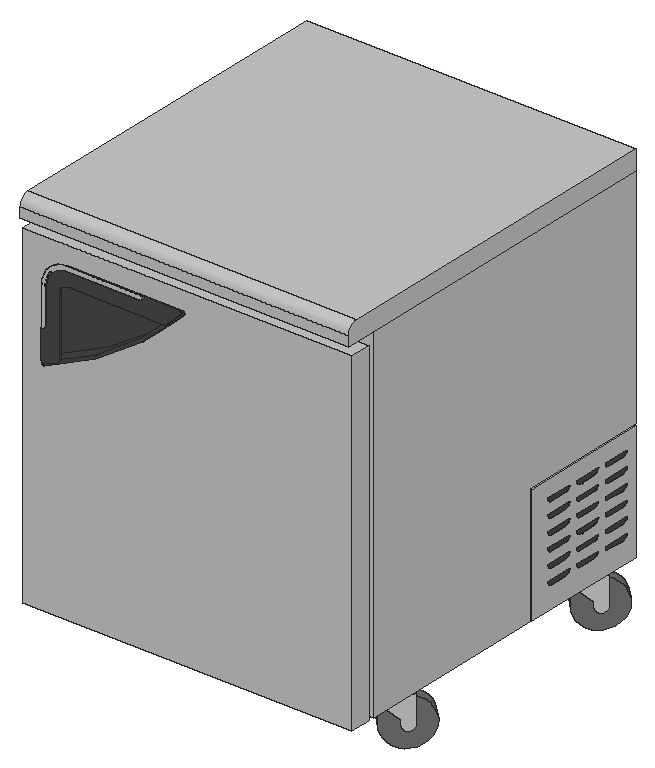
Revit family "QF_Turbo Air_TUR-28SD", category Specialty Equipment, Revit 2012
Parameters
  Weight in Pounds = 163
  Watermarked By = "http://revitwatermark.com"
  Volts = 115 V
  URL Cutsheet = ""
  URL = "www.turboairinc.com"
  Status [instance] = ""
  Specification by User [instance] = ""
  Specification by Manufacturer [instance] = ""
  Serial Number [instance] = ""
  Revision Code [instance] = ""
  Phase = 1
  Number of Poles [instance] = 1
  NAFEM Spec ID Number [instance] = ""
  Model = "TUR-28SD*"
  Masterspec [instance] = ""
  Manufacturer = "Turbo Air"  # constant formula
  Legs [instance] = [6 inch Legs]  # no
  Item Number [instance] = "-"
  Installed By [instance] = ""
  HP = "1/4"
  Furnished By [instance] = ""
  Foodservice Equipment Identifier = yes
  FL Amps = 6.6 A
  Electrical Remarks [instance] = ""
  Electric Connection Type [instance] = ""
  Elec Conn RI Height [instance] = 0' - 0"
  Elec Conn Connection Height = 1' - 0"
  Description = "Undercounter Refrigerator"
  Cycle = 60 Hz
  Conn Plug = "NEMA 5-15P"
  Casters [instance] = not(Legs)  # yes
  CasterLeg Height [instance] = if([4 inch Casters], 0' 5", if([5 inch Casters], 0' 5 3/4", if([2_5 inch Casters], 0' 3 3/8", 0' 6")))  # 0' - 5"
  CSI MasterFormat = "11 41 13"
  Assembly Code = "E1090320"
  Apparent Power = if(Phase = 3, Volts * FL Amps * 1.73, Volts * FL Amps)  # 759 VA
  6 inch Legs [instance] = no
  5 inch Casters [instance] = no
  4 inch Casters [instance] = yes
  2_5 inch Casters [instance] = no
Reference planes (in)
  plane 1 "BACK": y = 0
  plane 2: z = 0
  plane 3 "LEFT": x = -20.78844
  plane 4 "Bottom": z = 5
  plane 5 "Back Stops": y = 1
  plane 6 "RIGHT": x = 6.71156
  plane 7 "FRONT": y = -30
  plane 8 "Door Clearance": y = -55.375
  plane 9 "Back of Door": y = -27.875
  plane 10 "Front of Box": y = -27.375
  plane 11 "Top of Door": z = 33.125
  plane 12 "TOP": z = 35.625
  plane 13 "Bottom of TOP": z = 34
Forms (in)
  Extrusion 1, solid, material "QF_Finishes_Stainless Steel"
    sketch origin (-20.78844, 0, 0) x (0, 1, 0) y (0, 0, 1)
      loop
        line (0, 5) -> (0, 34) -> (-27.375, 34) -> (-27.375, 5) -> (0, 5)
    from 0 to 27.5
  Extrusion 2, solid, material "QF_Finishes_Black"
    sketch origin (0, -27.375, 0) x (1, 0, 0) y (0, 0, 1)
      loop
        line (-19.78844, 32.125) -> (-19.78844, 6) -> (5.71156, 6) -> (5.71156, 32.125) -> (-19.78844, 32.125)
    from 0 to 0.5
  Extrusion 3, void
    sketch origin (6.71156, 0, 0) x (0, 1, 0) y (0, 0, 1)
      loop
        line (0, 5) -> (0, 15) -> (-11, 15) -> (-11, 5) -> (0, 5)
    from 0 to -1
  Extrusion 4, solid, material "QF_Finishes_Stainless Steel"
    sketch origin (6.71156, 0, 0) x (0, 1, 0) y (0, 0, 1)
      loop
        line (-10.875, 14.875) -> (-10.875, 5) -> (0, 5) -> (0, 14.875) -> (-10.875, 14.875)
      loop
        arc (-9.25, 13.5) -> (-9.10355, 13.14645) -> (-8.75, 13) r 0.5
        line (-8.75, 13) -> (-7.25, 13)
        arc (-7.25, 13) -> (-6.89645, 13.14645) -> (-6.75, 13.5) r 0.5
        line (-6.75, 13.5) -> (-9.25, 13.5)
      loop
        arc (-6.25, 13.5) -> (-6.10355, 13.14645) -> (-5.75, 13) r 0.5
        line (-5.75, 13) -> (-4.25, 13)
        arc (-4.25, 13) -> (-3.89645, 13.14645) -> (-3.75, 13.5) r 0.5
        line (-3.75, 13.5) -> (-6.25, 13.5)
      loop
        arc (-3.25, 13.5) -> (-3.10355, 13.14645) -> (-2.75, 13) r 0.5
        line (-2.75, 13) -> (-1.25, 13)
        arc (-1.25, 13) -> (-0.89645, 13.14645) -> (-0.75, 13.5) r 0.5
        line (-0.75, 13.5) -> (-3.25, 13.5)
      loop
        arc (-9.25, 12.25) -> (-9.10355, 11.89645) -> (-8.75, 11.75) r 0.5
        line (-8.75, 11.75) -> (-7.25, 11.75)
        arc (-7.25, 11.75) -> (-6.89645, 11.89645) -> (-6.75, 12.25) r 0.5
        line (-6.75, 12.25) -> (-9.25, 12.25)
      loop
        arc (-6.25, 12.25) -> (-6.10355, 11.89645) -> (-5.75, 11.75) r 0.5
        line (-5.75, 11.75) -> (-4.25, 11.75)
        arc (-4.25, 11.75) -> (-3.89645, 11.89645) -> (-3.75, 12.25) r 0.5
        line (-3.75, 12.25) -> (-6.25, 12.25)
      loop
        arc (-3.25, 12.25) -> (-3.10355, 11.89645) -> (-2.75, 11.75) r 0.5
        line (-2.75, 11.75) -> (-1.25, 11.75)
        arc (-1.25, 11.75) -> (-0.89645, 11.89645) -> (-0.75, 12.25) r 0.5
        line (-0.75, 12.25) -> (-3.25, 12.25)
      loop
        arc (-9.25, 11) -> (-9.10355, 10.64645) -> (-8.75, 10.5) r 0.5
        line (-8.75, 10.5) -> (-7.25, 10.5)
        arc (-7.25, 10.5) -> (-6.89645, 10.64645) -> (-6.75, 11) r 0.5
        line (-6.75, 11) -> (-9.25, 11)
      loop
        arc (-6.25, 11) -> (-6.10355, 10.64645) -> (-5.75, 10.5) r 0.5
        line (-5.75, 10.5) -> (-4.25, 10.5)
        arc (-4.25, 10.5) -> (-3.89645, 10.64645) -> (-3.75, 11) r 0.5
        line (-3.75, 11) -> (-6.25, 11)
      loop
        arc (-3.25, 11) -> (-3.10355, 10.64645) -> (-2.75, 10.5) r 0.5
        line (-2.75, 10.5) -> (-1.25, 10.5)
        arc (-1.25, 10.5) -> (-0.89645, 10.64645) -> (-0.75, 11) r 0.5
        line (-0.75, 11) -> (-3.25, 11)
      loop
        arc (-9.25, 9.75) -> (-9.10355, 9.39645) -> (-8.75, 9.25) r 0.5
        line (-8.75, 9.25) -> (-7.25, 9.25)
        arc (-7.25, 9.25) -> (-6.89645, 9.39645) -> (-6.75, 9.75) r 0.5
        line (-6.75, 9.75) -> (-9.25, 9.75)
      loop
        arc (-6.25, 9.75) -> (-6.10355, 9.39645) -> (-5.75, 9.25) r 0.5
        line (-5.75, 9.25) -> (-4.25, 9.25)
        arc (-4.25, 9.25) -> (-3.89645, 9.39645) -> (-3.75, 9.75) r 0.5
        line (-3.75, 9.75) -> (-6.25, 9.75)
      loop
        arc (-3.25, 9.75) -> (-3.10355, 9.39645) -> (-2.75, 9.25) r 0.5
        line (-2.75, 9.25) -> (-1.25, 9.25)
        arc (-1.25, 9.25) -> (-0.89645, 9.39645) -> (-0.75, 9.75) r 0.5
        line (-0.75, 9.75) -> (-3.25, 9.75)
      loop
        arc (-9.25, 8.5) -> (-9.10355, 8.14645) -> (-8.75, 8) r 0.5
        line (-8.75, 8) -> (-7.25, 8)
        arc (-7.25, 8) -> (-6.89645, 8.14645) -> (-6.75, 8.5) r 0.5
        line (-6.75, 8.5) -> (-9.25, 8.5)
      loop
        arc (-6.25, 8.5) -> (-6.10355, 8.14645) -> (-5.75, 8) r 0.5
        line (-5.75, 8) -> (-4.25, 8)
        arc (-4.25, 8) -> (-3.89645, 8.14645) -> (-3.75, 8.5) r 0.5
        line (-3.75, 8.5) -> (-6.25, 8.5)
      loop
        arc (-3.25, 8.5) -> (-3.10355, 8.14645) -> (-2.75, 8) r 0.5
        line (-2.75, 8) -> (-1.25, 8)
        arc (-1.25, 8) -> (-0.89645, 8.14645) -> (-0.75, 8.5) r 0.5
        line (-0.75, 8.5) -> (-3.25, 8.5)
      loop
        arc (-9.25, 7.25) -> (-9.10355, 6.89645) -> (-8.75, 6.75) r 0.5
        line (-8.75, 6.75) -> (-7.25, 6.75)
        arc (-7.25, 6.75) -> (-6.89645, 6.89645) -> (-6.75, 7.25) r 0.5
        line (-6.75, 7.25) -> (-9.25, 7.25)
      loop
        arc (-6.25, 7.25) -> (-6.10355, 6.89645) -> (-5.75, 6.75) r 0.5
        line (-5.75, 6.75) -> (-4.25, 6.75)
        arc (-4.25, 6.75) -> (-3.89645, 6.89645) -> (-3.75, 7.25) r 0.5
        line (-3.75, 7.25) -> (-6.25, 7.25)
      loop
        arc (-3.25, 7.25) -> (-3.10355, 6.89645) -> (-2.75, 6.75) r 0.5
        line (-2.75, 6.75) -> (-1.25, 6.75)
        arc (-1.25, 6.75) -> (-0.89645, 6.89645) -> (-0.75, 7.25) r 0.5
        line (-0.75, 7.25) -> (-3.25, 7.25)
    from 0 to -1
  Extrusion 5, solid, material "QF_Finishes_Black"
    sketch origin (6.71156, 0, 0) x (0, 1, 0) y (0, 0, 1)
      loop
        line (-9.875, 13.95221) -> (-9.875, 6.20221) -> (-0.375, 6.20221) -> (-0.375, 13.95221) -> (-9.875, 13.95221)
    from -0.125 to -1
  Extrusion 6, solid, material "QF_Finishes_Black"
    sketch origin (0, 0, 0) x (1, 0, 0) y (0, 0, 1)
      loop
        circle (-14.66344, 30.8125) r 0.5
      loop
        circle (0.58656, 30.8125) r 0.5
    from 0 to -1
  Extrusion 7, solid, material "QF_Finishes_Stainless Steel"
    sketch origin (0, 0, 0) x (1, 0, 0) y (0, 0, 1)
      loop
        circle (2.71156, 11.125) r 0.25
    from 0 to -0.0625
  Extrusion 8, solid, material "QF_Finishes_Polished Steel"
    sketch origin (-20.78844, 0, 0) x (0, 1, 0) y (0, 0, 1)
      loop
        line (0, 35.625) -> (-29.1875, 35.625)
        arc (-29.1875, 35.625) -> (-29.76202, 35.38702) -> (-30, 34.8125) r 0.8125
        line (-30, 34.8125) -> (-30, 34) -> (0, 34) -> (0, 35.625)
    from 0 to 27.5
Cuts and joins
  Extrusion 3 cuts Extrusion 1
Lines and regions (in)
  symbolic lines
    curve 1: line (-20.78844, 0, 35.875) -> (6.71156, 0, 35.875)
    curve 2: line (-20.78844, -30, 35.875) -> (-20.78844, 0, 35.875)
    curve 3: line (6.71156, -30, 35.875) -> (-20.78844, -30, 35.875)
    curve 4: line (6.71156, 0, 35.875) -> (6.71156, -30, 35.875)
    curve 5: line (0.08656, 1, 35.875) -> (1.08656, 1, 35.875)
    curve 6: line (-15.16344, 1, 35.875) -> (-14.16344, 1, 35.875)
    curve 7: line (-15.16344, 1, 35.875) -> (-15.16344, 0, 35.875)
    curve 8: line (-14.16344, 1, 35.875) -> (-14.16344, 0, 35.875)
    curve 9: line (0.08656, 1, 35.875) -> (0.08656, 0, 35.875)
    curve 10: line (1.08656, 1, 35.875) -> (1.08656, 0, 35.875)
  symbolic lines, style "QF_Clearances", detail levels coarse
    curve 11: line (6.71156, -30, 35.875) -> (6.71156, -55.375, 35.875)
    curve 12: arc (6.71156, -55.375, 35.875) -> (-11.96747, -48.05776, 35.875) -> (-20.70621, -30, 35.875) r 27.5
Dimensions and locks (in)
  "CasterLeg Height": plane 4 "Bottom" to plane 2
  locked: plane 1 "BACK" to plane 5 "Back Stops" at 1
  locked: plane 6 "RIGHT" to plane 3 "LEFT" at 27.5
  locked: plane 7 "FRONT" to plane 1 "BACK" at 30
  locked: plane 9 "Back of Door" to plane 10 "Front of Box" at 0.5
  locked: plane 8 "Door Clearance" to plane 1 "BACK" at 55.375
  locked: plane 11 "Top of Door" to Extrusion 2 sketch curve at 1
  locked: Extrusion 2 sketch curve to plane 3 "LEFT" at 1
  locked: Extrusion 2 sketch curve to plane 4 "Bottom" at 1
  locked: Extrusion 2 sketch curve to plane 6 "RIGHT" at 1
  locked: Extrusion 3 sketch curve to plane 1 "BACK" at 11
  locked: Extrusion 3 sketch curve to plane 4 "Bottom" at 10
  locked: plane 4 "Bottom" to Extrusion 4 sketch curve at 9.875
  locked: Extrusion 4 sketch curve to plane 1 "BACK" at 10.875
  locked: Extrusion 5 sketch curve to Extrusion 5 sketch curve at 7.75
  locked: Extrusion 5 sketch curve to plane 4 "Bottom" at 1.20221
  locked: Extrusion 5 sketch curve to Extrusion 5 sketch curve at 9.5
  locked: Extrusion 5 sketch curve to plane 1 "BACK" at 0.375
  locked: nested 2 to plane 1 "BACK" at 2.5625
  locked: plane 3 "LEFT" to nested 2 at 2.5
  locked: plane 3 "LEFT" to nested 3 at 2.5
  locked: plane 10 "Front of Box" to nested 3 at 4.625
  locked: nested 4 to plane 6 "RIGHT" at 2.5
  locked: nested 5 to plane 6 "RIGHT" at 2.5
  locked: plane 10 "Front of Box" to nested 5 at 4.625
  locked: nested 4 to plane 1 "BACK" at 2.5625
  locked: plane 6 "RIGHT" to Extrusion 6 sketch curve at 6.125
  locked: Extrusion 6 sketch curve to plane 3 "LEFT" at 6.125
  locked: Extrusion 7 sketch curve to plane 4 "Bottom" at 6.125
  locked: plane 6 "RIGHT" to Extrusion 7 sketch curve at 4
  locked: plane 12 "TOP" to plane 4 "Bottom" at 30.625
  locked: plane 12 "TOP" to plane 13 "Bottom of TOP" at 1.625
  locked: plane 13 "Bottom of TOP" to plane 11 "Top of Door" at 0.875
  plane 9 "Back of Door" to plane 1 "BACK" = 2' - 3 7/8"
  aligned and locked: level to plane 2
  aligned and locked: plane 3 "LEFT" to nested 1
  aligned and locked: plane 6 "RIGHT" to nested 1
  aligned and locked: Extrusion 1 sketch curve to plane 1 "BACK"
  aligned and locked: Extrusion 1 sketch curve to plane 4 "Bottom"
  aligned and locked: plane 10 "Front of Box" to Extrusion 1 sketch curve
  aligned and locked: plane 6 "RIGHT" to Extrusion 1
  aligned and locked: plane 9 "Back of Door" to Extrusion 2
  aligned and locked: Extrusion 3 sketch curve to plane 1 "BACK"
  aligned and locked: Extrusion 3 sketch curve to plane 4 "Bottom"
  aligned and locked: Extrusion 6 to plane 5 "Back Stops"
  aligned and locked: plane 1 "BACK" to curve 1
  aligned and locked: curve 4 to plane 6 "RIGHT"
  aligned and locked: plane 3 "LEFT" to curve 2
  aligned and locked: curve 3 to plane 7 "FRONT"
  aligned and locked: curve 5 to Extrusion 6
  aligned and locked: curve 6 to Extrusion 6
  aligned and locked: Extrusion 1 sketch curve to plane 13 "Bottom of TOP"
  aligned and locked: plane 1 "BACK" to Extrusion 8 sketch curve
  aligned and locked: plane 13 "Bottom of TOP" to Extrusion 8 sketch curve
  aligned and locked: Extrusion 8 sketch curve to plane 7 "FRONT"
  aligned and locked: Extrusion 8 sketch curve to plane 12 "TOP"
  aligned and locked: plane 6 "RIGHT" to Extrusion 8
  aligned and locked: plane 4 "Bottom" to nested 1
Automatic sketch dimensions
  Extrusion 4 sketch curve to plane 1 "BACK" = 0' - 0"
  Extrusion 4 sketch curve to plane 4 "Bottom" = 0' - 0"
  Extrusion 4 sketch curve to Extrusion 4 sketch curve = 0' - 1 5/8"
  Extrusion 4 sketch curve to Extrusion 4 sketch curve = 0' - 0"  (x16)
  Extrusion 4 sketch curve to Extrusion 4 sketch curve = 0' - 0 1/2"  (x31)
  Extrusion 4 sketch curve to Extrusion 4 sketch curve = 0' - 1 1/2"  (x4)
  plane 1 "BACK" to Extrusion 4 sketch curve = 0' - 1 1/4"  (x3)
  plane 4 "Bottom" to Extrusion 4 sketch curve = 0' - 1 3/4"  (x2)
  Extrusion 4 sketch curve to Extrusion 4 sketch curve = 0' - 0 3/4"  (x15)
  plane 8 "Door Clearance" to curve 11 = 0' - 0"
  plane 9 "Back of Door" to curve 12 = 0' - 0"
  curve 5 to curve 5 = 0' - 1"
  curve 8 to curve 7 = 0' - 1"
  Extrusion 6 sketch curve to plane 11 "Top of Door" = 0' - 2 5/16"  (x2)
  curve 5 to plane 6 "RIGHT" = 0' - 5 5/8"
  curve 8 to curve 1 = 0' - 6 5/8"
  Extrusion 8 sketch curve to plane 7 "FRONT" = 0' - 0 13/16"
  radius of Extrusion 6 sketch curve = 0' - 0 1/2"  (x2)
  radius of Extrusion 7 sketch curve = 0' - 0 1/4"
Nested families (in)
  nested 1: "QF_Turbo Air_TBL_Door-2" at (-8.46511, -27.875, 5) x (-1, 0, 0) z (0, 0, 1), type "QF_Turbo Air_TBL_Door-2"
    with Width 2' - 3 1/2", Symbolic Lines no, Height 2' - 4 1/8", Depth 0' - 1 13/16"
  nested 2: "FESCasterLeg" at (-18.28844, -2.5625, 0), Legs <- "Legs", Casters <- "Casters", Height <- "CasterLeg Height", type "FESCasterLeg"
    with Legs no, Height 0' - 5", Casters yes, Caster Radius 0' - 2"
  nested 3: "FESCasterLeg" at (-18.28844, -22.75, 0), Legs <- "Legs", Casters <- "Casters", Height <- "CasterLeg Height", type "FESCasterLeg"
    with Legs no, Height 0' - 5", Casters yes, Caster Radius 0' - 2"
  nested 4: "FESCasterLeg" at (4.21156, -2.5625, 0), Legs <- "Legs", Casters <- "Casters", Height <- "CasterLeg Height", type "FESCasterLeg"
    with Legs no, Height 0' - 5", Casters yes, Caster Radius 0' - 2"
  nested 5: "FESCasterLeg" at (4.21156, -22.75, 0), Legs <- "Legs", Casters <- "Casters", Height <- "CasterLeg Height", type "FESCasterLeg"
    with Legs no, Height 0' - 5", Casters yes, Caster Radius 0' - 2"
Connectors (in)
  electrical at (2.71156, 0.0625, 11.125), driven by "Number of Poles", driven by "Volts", driven by "Apparent Power"
    settings: on Extrusion 7, index 1, voltage 115 V, apparent load 759 VA, apparent load phase1 0 VA, apparent load phase2 0 VA, apparent load phase3 0 VA, power factor 1, load classification "Other", number of poles 1, system type 30, power factor state 1, is connector primary yes, connector utility no, sub classification motor no, connector description ""
Definition of nested family "QF_Turbo Air_TBL_Door-2"
  Parameters (values of type "QF_Turbo Air_TBL_Door-2")
    Width [instance] = 1' - 6"
    Watermarked By = "http://revitwatermark.com"
    Symbolic Lines [instance] = yes
    Manufacturer = "Turbo Air"  # constant formula
    Height [instance] = 2' - 3 1/2"
    Depth [instance] = 0' - 1 13/16"
  Reference planes (in)
    plane 1 "BACK": y = 0
    plane 2: z = 0
    plane 3 "LEFT": x = -15.17667
    plane 4: x = 2.82333
    plane 5 "FRONT": y = -1.8125
    plane 6: z = 27.5
  Forms (in)
    Extrusion 1, solid, material "QF_Finishes_Stainless Steel"
      sketch origin (0, 0, 0) x (1, 0, 0) y (0, 0, 1)
        loop
          line (-15.17667, 27.5) -> (-15.17667, 0) -> (2.82333, 0) -> (2.82333, 27.5) -> (-15.17667, 27.5)
        loop
          arc (1.26083, 23.75) -> (0.62013, 25.2968) -> (-0.92667, 25.9375) r 2.1875
          line (-0.92667, 25.9375) -> (-10.51602, 25.9375)
          arc (-10.51602, 25.9375) -> (-10.68463, 25.82502) -> (-10.64553, 25.62614) r 0.18261
          arc (-10.64553, 25.62614) -> (-5.27313, 21.0225) -> (1.01159, 17.7731) r 30.65514
          arc (1.01159, 17.7731) -> (1.18191, 17.79728) -> (1.26083, 17.95014) r 0.1875
          line (1.26083, 17.95014) -> (1.26083, 23.75)
      from 0 to 1.8125
    Extrusion 2, solid, material "QF_Finishes_Black"
      sketch origin (0, 0, 0) x (1, 0, 0) y (0, 0, 1)
        loop
          arc (-10.51602, 25.9375) -> (-10.68463, 25.82502) -> (-10.64553, 25.62614) r 0.18261
          arc (-10.64553, 25.62614) -> (-5.27313, 21.0225) -> (1.01159, 17.7731) r 30.65514
          arc (1.01159, 17.7731) -> (1.18191, 17.79728) -> (1.26083, 17.95014) r 0.1875
          line (1.26083, 17.95014) -> (1.26083, 23.75)
          arc (1.26083, 23.75) -> (0.62013, 25.2968) -> (-0.92667, 25.9375) r 2.1875
          line (-0.92667, 25.9375) -> (-10.51602, 25.9375)
      from 0 to 0.25
    Extrusion 3, solid, material "QF_Finishes_Black"
      sketch origin (0, -1.8125, 0) x (1, 0, 0) y (0, 0, 1)
        loop
          arc (-10.51602, 25.9375) -> (-10.68463, 25.82502) -> (-10.64553, 25.62614) r 0.18261
          arc (-10.64553, 25.62614) -> (-5.27313, 21.0225) -> (1.01159, 17.7731) r 30.65514
          arc (1.01159, 17.7731) -> (1.18191, 17.79728) -> (1.26083, 17.95014) r 0.1875
          line (1.26083, 17.95014) -> (1.26083, 23.75)
          arc (1.26083, 23.75) -> (0.62013, 25.2968) -> (-0.92667, 25.9375) r 2.1875
          line (-0.92667, 25.9375) -> (-10.51602, 25.9375)
        loop
          arc (-10.3612, 25.6875) -> (-5.1116, 21.21513) -> (1.01083, 18.04082) r 30.40514
          line (1.01083, 18.04082) -> (1.01083, 23.75)
          arc (1.01083, 23.75) -> (0.44335, 25.12002) -> (-0.92667, 25.6875) r 1.9375
          line (-0.92667, 25.6875) -> (-10.3612, 25.6875)
      from 0 to -1.5625
    Extrusion 4, solid, material "QF_Finishes_Stainless Steel"
      sketch origin (0, -1.8125, 0) x (1, 0, 0) y (0, 0, 1)
        loop
          line (0.8693, 23.74703) -> (0.8693, 20.9359)
          arc (0.8693, 20.9359) -> (0.97619, 20.67783) -> (1.23426, 20.57094) r 0.36497
          line (1.23426, 20.57094) -> (1.23426, 23.75728)
          arc (1.23426, 23.75728) -> (0.60343, 25.28026) -> (-0.91955, 25.9111) r 2.15381
          line (-0.91955, 25.9111) -> (-7.29364, 25.9111)
          arc (-7.29364, 25.9111) -> (-7.18686, 25.6533) -> (-6.92907, 25.54652) r 0.36457
          line (-6.92907, 25.54652) -> (-0.9302, 25.54652)
          arc (-0.9302, 25.54652) -> (0.34224, 25.01946) -> (0.8693, 23.74703) r 1.79949
      from 0 to 0.0625
    Extrusion 5, solid, material "QF_Finishes_Black"
      sketch origin (0, -1.8125, 0) x (1, 0, 0) y (0, 0, 1)
        loop
          line (-7.29579, 25.91713) -> (-10.23685, 25.91713)
          arc (-10.23685, 25.91713) -> (-10.4057, 25.80626) -> (-10.37109, 25.60724) r 0.18402
          arc (-10.37109, 25.60724) -> (-9.82156, 25.0362) -> (-9.25736, 24.47964) r 30.46741
          arc (-9.25736, 24.47964) -> (-9.13766, 24.40221) -> (-8.99771, 24.37509) r 0.37471
          line (-8.99771, 24.37509) -> (-0.92669, 24.37509)
          arc (-0.92669, 24.37509) -> (-0.48472, 24.19202) -> (-0.30165, 23.75005) r 0.62505
          line (-0.30165, 23.75005) -> (-0.30165, 18.75593)
          arc (-0.30165, 18.75593) -> (-0.23944, 18.54909) -> (-0.07345, 18.41087) r 0.375
          arc (-0.07345, 18.41087) -> (0.46451, 18.18804) -> (1.00663, 17.97553) r 30.46765
          arc (1.00663, 17.97553) -> (1.17982, 17.99636) -> (1.26095, 18.15079) r 0.18755
          line (1.26095, 18.15079) -> (1.26095, 20.57213)
          arc (1.26095, 20.57213) -> (0.98629, 20.66883) -> (0.87001, 20.93579) r 0.36461
          line (0.87001, 20.93579) -> (0.87001, 23.74835)
          arc (0.87001, 23.74835) -> (0.34256, 25.02175) -> (-0.93084, 25.54921) r 1.80086
          line (-0.93084, 25.54921) -> (-6.92787, 25.54921)
          arc (-6.92787, 25.54921) -> (-7.18803, 25.65697) -> (-7.29579, 25.91713) r 0.36792
      from 0 to 0.0625
  Lines and regions (in)
    symbolic lines, visible <- "Symbolic Lines"
      curve 1: line (-15.17667, 0, 25.96875) -> (2.82333, 0, 25.96875)
      curve 2: line (-15.17667, -1.8125, 25.96875) -> (-15.17667, 0, 25.96875)
      curve 3: line (2.82333, -1.8125, 25.96875) -> (-15.17667, -1.8125, 25.96875)
      curve 4: line (2.82333, 0, 25.96875) -> (2.82333, -1.8125, 25.96875)
  Dimensions and locks (in)
    "Width": plane 4 to plane 3 "LEFT"
    "Depth": plane 5 "FRONT" to plane 1 "BACK"
    "Height": plane 6 to plane 2
    locked: plane 4 to Extrusion 1 sketch curve at 3.75
    locked: plane 6 to Extrusion 1 sketch curve at 3.75
    locked: plane 6 to Extrusion 1 sketch curve at 9.54986
    locked: plane 4 to Extrusion 1 sketch curve at 1.5625
    locked: plane 6 to Extrusion 1 sketch curve at 1.5625
    locked: plane 4 to Extrusion 1 sketch curve at 13.33935
    locked: plane 6 to Extrusion 1 sketch curve at 1.87386
    locked: plane 6 to Extrusion 1 sketch curve at 9.7269
    locked: plane 4 to Extrusion 1 sketch curve at 1.81175
    locked: plane 4 to Extrusion 1 sketch curve at 13.46886
    locked: Extrusion 4 sketch curve to Extrusion 4 sketch curve at 0.36457
    locked: Extrusion 4 sketch curve to Extrusion 4 sketch curve at 0.36497
    locked: plane 4 to Extrusion 4 sketch curve at 1.58907
    locked: plane 6 to Extrusion 4 sketch curve at 1.5889
    plane 4 to Extrusion 4 sketch curve = 0' - 10.11697"
    locked: plane 4 to Extrusion 4 sketch curve at 9.7524
    locked: plane 4 to Extrusion 4 sketch curve at 3.74288
    locked: plane 4 to Extrusion 4 sketch curve at 3.75353
    locked: plane 6 to Extrusion 4 sketch curve at 3.74272
    locked: plane 6 to Extrusion 4 sketch curve at 3.75297
    locked: plane 6 to Extrusion 4 sketch curve at 6.92906
    locked: plane 6 to Extrusion 4 sketch curve at 6.5641
    locked: plane 4 to Extrusion 2 sketch curve at 3.75
    locked: plane 4 to Extrusion 2 sketch curve at 13.33935
    locked: plane 4 to Extrusion 2 sketch curve at 13.46886
    locked: plane 4 to Extrusion 2 sketch curve at 1.81175
    locked: plane 4 to Extrusion 2 sketch curve at 1.5625
    locked: plane 4 to Extrusion 5 sketch curve at 1.56238
    locked: plane 4 to Extrusion 5 sketch curve at 1.95332
    locked: plane 4 to Extrusion 5 sketch curve at 3.75417
    locked: plane 4 to Extrusion 5 sketch curve at 9.75121
    locked: plane 4 to Extrusion 5 sketch curve at 10.11912
    locked: plane 4 to Extrusion 5 sketch curve at 13.06018
    locked: plane 4 to Extrusion 5 sketch curve at 13.19443
    locked: plane 4 to Extrusion 5 sketch curve at 12.0807
    locked: plane 4 to Extrusion 5 sketch curve at 11.82104
    locked: plane 4 to Extrusion 5 sketch curve at 3.75003
    locked: plane 4 to Extrusion 5 sketch curve at 3.12498
    locked: plane 4 to Extrusion 5 sketch curve at 2.89679
    locked: plane 4 to Extrusion 5 sketch curve at 1.81671
    aligned and locked: level to plane 2
    aligned and locked: Extrusion 1 sketch curve to plane 6
    aligned and locked: plane 3 "LEFT" to Extrusion 1 sketch curve
    aligned and locked: level to Extrusion 1 sketch curve
    aligned and locked: Extrusion 1 sketch curve to plane 4
    aligned and locked: plane 5 "FRONT" to Extrusion 1
    aligned and locked: plane 1 "BACK" to curve 1
    aligned and locked: plane 3 "LEFT" to curve 2
    aligned and locked: curve 3 to plane 5 "FRONT"
    aligned and locked: curve 4 to plane 4
    aligned and locked: Extrusion 3 sketch curve to Extrusion 1  (x4)
  Automatic sketch dimensions
    plane 4 to Extrusion 1 sketch curve = 0' - 9.03101"
    Extrusion 2 sketch curve to plane 6 = 0' - 1 9/16"
    Extrusion 2 sketch curve to Extrusion 2 sketch curve = 0' - 5.79986"
    Extrusion 2 sketch curve to Extrusion 2 sketch curve = 0' - 0.31136"
    plane 4 to Extrusion 2 sketch curve = 0' - 9.03101"
    Extrusion 2 sketch curve to Extrusion 2 sketch curve = 0' - 0.17704"
    Extrusion 3 sketch curve to Extrusion 3 sketch curve = 0' - 0.12951"
    Extrusion 3 sketch curve to Extrusion 3 sketch curve = 0' - 0.15482"
    Extrusion 3 sketch curve to Extrusion 3 sketch curve = 0' - 0"  (x4)
    Extrusion 3 sketch curve to Extrusion 3 sketch curve = 0' - 0.00075"
    Extrusion 3 sketch curve to Extrusion 3 sketch curve = 0' - 0.09068"
    Extrusion 5 sketch curve to Extrusion 5 sketch curve = 0' - 0"  (x4)
    Extrusion 5 sketch curve to Extrusion 5 sketch curve = 0' - 0.00072"
    Extrusion 5 sketch curve to Extrusion 5 sketch curve = 0' - 2.81256"
    Extrusion 5 sketch curve to Extrusion 5 sketch curve = 0' - 0.36461"
    Extrusion 5 sketch curve to Extrusion 5 sketch curve = 0' - 1.8162"
    Extrusion 5 sketch curve to plane 6 = 0' - 1.89276"
    Extrusion 5 sketch curve to Extrusion 5 sketch curve = 0' - 0.14681"
    Extrusion 5 sketch curve to Extrusion 5 sketch curve = 0' - 0.06678"
    Extrusion 5 sketch curve to plane 6 = 0' - 1.58287"
Definition of nested family "FESCasterLeg"
  Parameters (values of type "FESCasterLeg")
    Watermarked By = "http://revitwatermark.com"
    Type Comments = "⍁⍉⌁⌀⏭⎽⌇⍠⌜⍉⎖⌥⌦⌯⍭⏊⍻⍿⍊⏵⍊⏗⏠⍴⎡⌈⎀⍠⌓⌤⏘⎐⍀⌐⏬⏁⎈⏍⏦⎒⏬⌝⍩⍇⌣〈⎫〉⎁⏊⍥⍖⍥⍝⍦⌖⍀⏌⏭⎝⎼⏷⏞⍻⏯⎽⏷⏞⍻⏯⎽⏷⎺⌻⎝⍎⌧⏷⏟⏿⌿⍜⍦⍤⌁⍬⏶⏎⍊⏚⏉⎞⌡⎀⎪⏈⌟⌿⍾⍼⌟⌿⌢⌞⏜⏝⎽⍷⍷⍯⍧⍷⌯⍽⏸⏨⏾⏎⌣⏺⍹⏼⏅⎏⌽⎫⎪⍙⎓⏗⎗⏅⌴⍏⍏⍿⏑⎺⍘⌭⏲⍥⎛⎾⎾⍞⍌⎪⎲⌙⎥⏏⎟⎟⏼⏘⎏⎝⏧⏍⏁⍏⍧⏯⏾⌟"
    Legs [instance] = yes
    Height [instance] = 0' - 6"
    Caster Radius [instance] = if(Height < 0' 3", 0' 1", (Height / 2) - 0' 0 1/2")  # 0' - 2 1/2"
    Casters [instance] = yes
    Assembly Code = ""
  Reference planes (in)
    plane 1 "Center (Front/Back)": y = 0
    plane 2: z = 0
    plane 3 "Center (Left/Right)": x = 0
    plane 4: z = 6
    plane 5: z = 5.5
  Forms (in)
    Extrusion 1, solid, material "QF_Finishes_Stainless Steel", visible <- "Casters"
      sketch origin (-24.12131, -22.88887, 10.18833) x (0.707107, 0.707107, 0) y (0, 0, 1)
        loop
          line (34.98772, -7.68833) -> (34.98772, -4.93833) -> (34.48772, -4.93833) -> (34.39402, -4.68833) -> (32.39402, -4.68833) -> (32.39402, -5.43833) -> (33.98772, -7.34206) -> (33.98772, -7.68833)
          arc (33.98772, -7.68833) -> (34.48772, -8.18833) -> (34.98772, -7.68833) r 0.5
      from 0 to 1.75
    Extrusion 2, solid, material "QF_Finishes_Rubber Black", visible <- "Casters"
      sketch origin (-24.32327, -23.09083, 13.31461) x (0.707107, 0.707107, 0) y (0, 0, 1)
        loop
          circle (34.77334, -10.81461) r 2.5
      from 0.375 to 1.375
    Extrusion 3, solid, material "QF_Finishes_Stainless Steel", visible <- "Casters"
      sketch origin (-7.24148, -8.48391, 0) x (0.707107, 0.707107, 0) y (0, 0, 1)
        loop
          line (10.61603, 5.5) -> (11.61603, 5.5) -> (11.61603, 6) -> (10.61603, 6) -> (10.61603, 5.5)
      from 0 to -1.75
    Blend 4, solid, material "QF_Finishes_Stainless Steel", visible <- "Legs"
      base sketch origin (0, 0, 0) x (1, 0, 0) y (0, 1, 0)
        loop
          circle (0, 0) r 0.5
      top sketch origin (0, 0, 0) x (1, 0, 0) y (0, 1, 0)
        loop
          circle (0, 0) r 1
      from 0 to 6 <- "Height"
  Lines and regions (in)
    symbolic lines, style "QF_Hidden Details", visible <- "Casters", built-in parameter 1006206 <- "Casters"
      curve 1: line (-1.26158, -0.51911, 0) -> (1.39007, 2.13254, 0)
      curve 2: line (-0.53429, -1.24639, 0) -> (2.11736, 1.40526, 0)
    symbolic lines, style "QF_Hidden Details", built-in parameter 1006206 <- "Casters", visible <- "Casters"
      curve 3: line (-1.26158, -0.51911, 0) -> (1.39007, 2.13254, 0)
      curve 4: line (-0.53429, -1.24639, 0) -> (2.11736, 1.40526, 0)
  Dimensions and locks (in)
    locked: plane 4 to plane 5 at 0.5
    "Height": plane 4 to level
    "Caster Radius": Extrusion 2 sketch curve to level
    "Caster Radius": Extrusion 1 sketch curve to level
    "Caster Radius": radius of Extrusion 2 sketch curve
    aligned and locked: plane 2 to level
    aligned: Blend 4 to Extrusion 3
    aligned and locked: plane 4 to Blend 4
    aligned and locked: Extrusion 3 to plane 5
    aligned and locked: plane 4 to Extrusion 3
    aligned and locked: plane 5 to Extrusion 1
  Automatic sketch dimensions
    plane 1 "Center (Front/Back)" to curve 3 = 0' - 0.51911"
    curve 3 to plane 3 "Center (Left/Right)" = 0' - 1.26158"
    plane 1 "Center (Front/Back)" to curve 1 = 0' - 0.51911"
    curve 1 to curve 3 = 0' - 0"  (x3)
    curve 4 to plane 3 "Center (Left/Right)" = 0' - 0.53429"
    curve 2 to curve 4 = 0' - 0"  (x2)
    plane 3 "Center (Left/Right)" to curve 3 = 0' - 1.39007"
    curve 1 to curve 4 = 0' - 0.72729"
    curve 2 to curve 1 = 0' - 0.72729"
    curve 4 to curve 2 = 0' - 0"  (x2)
    curve 2 to plane 1 "Center (Front/Back)" = 0' - 1.40526"
    curve 2 to curve 3 = 0' - 0.72729"
    plane 5 to Extrusion 1 sketch curve = 0' - 0"
    Extrusion 1 sketch curve to Extrusion 1 sketch curve = 0' - 1.5937"
    Extrusion 1 sketch curve to Extrusion 1 sketch curve = 0' - 2"
    Extrusion 1 sketch curve to Extrusion 1 sketch curve = 0' - 0.0937"
    Extrusion 1 sketch curve to Extrusion 1 sketch curve = 0' - 0 1/2"
    Extrusion 1 sketch curve to Extrusion 1 sketch curve = 0' - 0.34627"
    Extrusion 1 sketch curve to plane 5 = 0' - 0 3/4"
    Extrusion 1 sketch curve to plane 5 = 0' - 0 1/4"
    Extrusion 3 sketch curve to plane 5 = 0' - 0"
    plane 4 to Extrusion 3 sketch curve = 0' - 0"
    Extrusion 3 sketch curve to Extrusion 3 sketch curve = 0' - 1"
    plane 1 "Center (Front/Back)" to Blend 4 sketch curve = 0' - 0"  (x2)
    Blend 4 sketch curve to plane 3 "Center (Left/Right)" = 0' - 0"  (x2)
    radius of Blend 4 sketch curve = 0' - 0 1/2"
    radius of Blend 4 sketch curve = 0' - 1"
